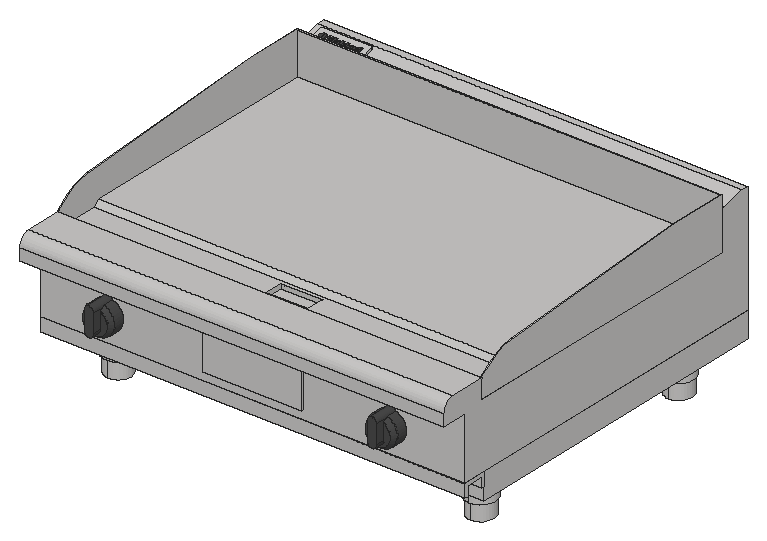
Revit family "QF_MOFFAT WALDORF_GPL8900E-B", category Specialty Equipment, Revit 2012
Parameters
  Width [instance] = 900.0 mm  # constant formula
  Weight in Pounds = 275.5775
  Watts = 12000 W
  Volts = 415 V
  URL Cutsheet = "www.moffat.com"
  URL = "www.moffat.com"
  Type Mark [instance] = ""
  Status [instance] = ""
  Specification by User [instance] = ""
  Specification by Manufacturer = ""
  Show Logo [instance] = yes
  Serial Number = ""
  Seismic Rating = ""
  SMACNA No = ""
  Revision Code [instance] = ""
  Phase = 3
  Omniclass Number and Title = ""
  Number of Poles = 1
  NAFEM Spec ID Number = ""
  Model = "GPL8900E-B"
  Min Ckt Ampacity = 0 A
  Max Overcurrent Protection = 0 A
  Masterspec = ""
  Manufacturer = "MOFFAT WALDORF"
  Item Number [instance] = ""
  Installed By [instance] = ""
  Identify Quantity as Lot [instance] = yes
  Height [instance] = 370.0 mm  # constant formula
  HP = ""
  Furnished By [instance] = ""
  Foodservice Equipment Identifier [instance] = yes
  FL Amps = 16.6 A
  Elec Conn RI Height = 0.0 mm
  Elec Conn Connection Height = 0.0 mm
  Description = "GRIDDLE PLATE LOW SPLASHBACK ELECTRIC BENCH MOUNT"
  Depth [instance] = 805.0 mm  # constant formula
  Cycle = 50 Hz
  Conn Plug = ""
  Conn Conduit = yes
  CSI MasterFormat = ""
  CSI Master Format = ""
  Base Height [instance] = 80.0 mm
  Apparent Power = if(Phase = 3, Volts * FL Amps * 1.73, Volts * FL Amps)  # 11918 VA
Reference planes
  plane 1 "BACK": y = 0
  plane 2: z = 0
  plane 3 "LEFT": x = 0
  plane 4 "RIGHT": x = 900
  plane 5 "FRONT": y = -805
  plane 6 "TOP": z = 370
  plane 7 "Center Y": x = 450
  plane 8 "Center X": y = -402.5
  plane 9 "Base Height": z = 80
  plane 10: x = 65
  plane 11: x = 834
  plane 12: x = 770
  plane 13: z = 110
  plane 14: y = -32
Forms (mm)
  Extrusion 1, solid, material "QF_Finishes_Stainless Steel"
    sketch origin (0, 0, 0) x (0, 1, 0) y (0, 0, 1)
      loop
        line (-805, 291) -> (-805, 266) -> (-749, 266) -> (-749, 135) -> (0, 135) -> (0, 370) -> (-15, 370) -> (-61.106, 357.646)
        arc (-61.106, 357.646) -> (-67.52, 353.36) -> (-70, 346.055) r 12
        line (-70, 346.055) -> (-70, 275) -> (-705, 275) -> (-705, 315) -> (-781, 315)
        arc (-781, 315) -> (-797.971, 307.971) -> (-805, 291) r 24
      loop
        line (0, 80) -> (0, 134.206) -> (-699, 134.206) -> (-699, 80) -> (0, 80)
      loop
        line (-749, 134.206) -> (-749, 107.019) -> (-742.6, 107.019) -> (-742.6, 127.806) -> (-706.4, 127.806) -> (-706.4, 107.019) -> (-700, 107.019) -> (-700, 134.206) -> (-749, 134.206)
    from 0 to 900
  Revolve 2, solid, material "QF_Finishes_Stainless Steel"
    sketch origin (834, -210, 0) x (0, 1, 0) y (0, 0, -1)
      loop
        line (78.25, -80) -> (110, -80) -> (110, 0) -> (82.5, 0) -> (82.5, -35) -> (78.25, -35) -> (78.25, -80)
      axis (110, -80) -> (110, 0)
    angle from 0 to 360
  Revolve 3, solid, material "QF_Finishes_Stainless Steel"
    sketch origin (65, -210, 0) x (0, 1, 0) y (0, 0, 1)
      loop
        line (78.25, 80) -> (78.25, 35) -> (82.5, 35) -> (82.5, 0) -> (110, 0) -> (110, 80) -> (78.25, 80)
      axis (110, 80) -> (110, 0)
    angle from 0 to 360
  Revolve 4, solid, material "QF_Finishes_Black"
    sketch origin (150, 0, -0.127) x (0, 1, 0) y (0, 0, -1)
      loop
        line (-782, -229.5) -> (-759, -229.5) -> (-759, -202) -> (-749, -202) -> (-749, -197) -> (-793, -197) -> (-793, -223.651) -> (-782, -229.5)
      axis (-793, -197) -> (-749, -197)
    angle from 0 to 360
  Extrusion 5, solid, material "QF_Finishes_Black"
    sketch origin (288.27, 0, 0.031) x (-1, 0, 0) y (0, 0, -1)
      loop
        arc (148.269, -184.969) -> (138.269, -174.969) -> (128.269, -184.969) r 10
        line (128.269, -184.969) -> (128.269, -223.969)
        arc (128.269, -223.969) -> (138.269, -233.969) -> (148.269, -223.969) r 10
        line (148.269, -223.969) -> (148.269, -184.969)
    from 759 to 808
  Revolve 6, solid, material "QF_Finishes_Stainless Steel"
    sketch origin (834, -735, 0) x (0, 1, 0) y (0, 0, -1)
      loop
        line (78.25, -80) -> (110, -80) -> (110, 0) -> (82.5, 0) -> (82.5, -35) -> (78.25, -35) -> (78.25, -80)
      axis (110, -80) -> (110, 0)
    angle from 0 to 360
  Revolve 7, solid, material "QF_Finishes_Stainless Steel"
    sketch origin (65, -735, 0) x (0, 1, 0) y (0, 0, 1)
      loop
        line (78.25, 80) -> (78.25, 35) -> (82.5, 35) -> (82.5, 0) -> (110, 0) -> (110, 80) -> (78.25, 80)
      axis (110, 80) -> (110, 0)
    angle from 0 to 360
  Extrusion 8, solid, material "QF_Finishes_Stainless Steel"
    sketch origin (-295, -749, 266) x (0, 0, -1) y (1, 0, 0)
      loop
        line (26.5, 640) -> (113.5, 640) -> (113.5, 850) -> (26.5, 850) -> (26.5, 640)
    from 0 to 2.5
  Extrusion 9, solid, material "QF_Finishes_Stainless Steel"
    sketch origin (-295, -751.5, 266) x (0, 0, -1) y (1, 0, 0)
      loop
        line (33.5, 850) -> (26.5, 850) -> (26.5, 640) -> (33.5, 640) -> (33.5, 850)
    from 0 to 5
  Revolve 10, solid, material "QF_Finishes_Black"
    sketch origin (750, 0, -0.127) x (0, 1, 0) y (0, 0, 1)
      loop
        line (-782, 229.5) -> (-793, 223.651) -> (-793, 197) -> (-749, 197) -> (-749, 202) -> (-759, 202) -> (-759, 229.5) -> (-782, 229.5)
      axis (-793, 197) -> (-749, 197)
    angle from 0 to 360
  Extrusion 11, solid, material "QF_Finishes_Black"
    sketch origin (611.73, 0, 0.031) x (1, 0, 0) y (0, 0, 1)
      loop
        line (148.269, 184.969) -> (148.269, 223.969)
        arc (148.269, 223.969) -> (138.269, 233.969) -> (128.269, 223.969) r 10
        line (128.269, 223.969) -> (128.269, 184.969)
        arc (128.269, 184.969) -> (138.269, 174.969) -> (148.269, 184.969) r 10
    from 759 to 808
  Extrusion 12, void
    sketch origin (0, 0, 80) x (-1, 0, 0) y (0, 1, 0)
      loop
        circle (-770, -32) r 10
    from 2 to -30
Cuts and joins
  joined: Revolve 4, Extrusion 5
  joined: Extrusion 8, Extrusion 9
  Extrusion 12 cuts Extrusion 1
Lines and regions (mm)
  Split face 1
    outline origin (49.063, -18.622, 369.029) x (0, -0.965926, -0.258819) y (1, 0, 0)
      loop
        line (1.427, 105.5) -> (34.83, 105.5) -> (34.83, 125.5) -> (1.427, 125.5) -> (1.427, 105.5)
  Split face 2
    outline origin (99.063, -18.622, 369.029) x (0, -0.965926, -0.258819) y (1, 0, 0)
      loop
        line (1.427, 105.5) -> (34.83, 105.5) -> (34.83, 125.5) -> (1.427, 125.5) -> (1.427, 105.5)
  Split face 3
    outline origin (149.062, -18.622, 369.029) x (0, -0.965926, -0.258819) y (1, 0, 0)
      loop
        line (1.427, 105.5) -> (34.83, 105.5) -> (34.83, 125.5) -> (1.427, 125.5) -> (1.427, 105.5)
  Split face 4
    outline origin (-95.937, -18.622, 369.029) x (0, -0.965926, -0.258819) y (1, 0, 0)
      loop
        line (1.427, 405.5) -> (34.83, 405.5) -> (34.83, 425.5) -> (1.427, 425.5) -> (1.427, 405.5)
  Split face 5
    outline origin (-45.938, -18.622, 369.029) x (0, -0.965926, -0.258819) y (1, 0, 0)
      loop
        line (1.427, 405.5) -> (34.83, 405.5) -> (34.83, 425.5) -> (1.427, 425.5) -> (1.427, 405.5)
  Split face 6
    outline origin (4.062, -18.622, 369.029) x (0, -0.965926, -0.258819) y (1, 0, 0)
      loop
        line (1.427, 405.5) -> (34.83, 405.5) -> (34.83, 425.5) -> (1.427, 425.5) -> (1.427, 405.5)
  Split face 7
    outline origin (54.062, -18.622, 369.029) x (0, -0.965926, -0.258819) y (1, 0, 0)
      loop
        line (1.427, 405.5) -> (34.83, 405.5) -> (34.83, 425.5) -> (1.427, 425.5) -> (1.427, 405.5)
  Split face 8
    outline origin (104.062, -18.622, 369.029) x (0, -0.965926, -0.258819) y (1, 0, 0)
      loop
        line (1.427, 405.5) -> (34.83, 405.5) -> (34.83, 425.5) -> (1.427, 425.5) -> (1.427, 405.5)
  Split face 9
    outline origin (154.062, -18.622, 369.029) x (0, -0.965926, -0.258819) y (1, 0, 0)
      loop
        line (1.427, 405.5) -> (34.83, 405.5) -> (34.83, 425.5) -> (1.427, 425.5) -> (1.427, 405.5)
  Split face 10
    outline origin (204.062, -18.622, 369.029) x (0, -0.965926, -0.258819) y (1, 0, 0)
      loop
        line (1.427, 405.5) -> (34.83, 405.5) -> (34.83, 425.5) -> (1.427, 425.5) -> (1.427, 405.5)
  Split face 11
    outline origin (254.062, -18.622, 369.029) x (0, -0.965926, -0.258819) y (1, 0, 0)
      loop
        line (1.427, 405.5) -> (34.83, 405.5) -> (34.83, 425.5) -> (1.427, 425.5) -> (1.427, 405.5)
  symbolic lines, visible <- "Show Logo"
    curve 1: line (12.5, -52.06, 0) -> (12.5, -21.099, 0)
    curve 2: line (121.5, -21.099, 0) -> (121.5, -52.06, 0)
    curve 3: line (12.5, -21.099, 0) -> (121.5, -21.099, 0)
    curve 4: line (12.5, -52.06, 0) -> (121.5, -52.06, 0)
  symbolic lines
    curve 5: line (154.563, -52.265, 0) -> (154.563, -20.001, 0)
    curve 6: line (154.563, -20.001, 0) -> (174.562, -20.001, 0)
    curve 7: line (174.562, -20.001, 0) -> (174.562, -52.265, 0)
    curve 8: line (174.562, -52.265, 0) -> (154.563, -52.265, 0)
    curve 9: line (204.563, -20.001, 0) -> (204.563, -52.265, 0)
    curve 10: line (204.563, -52.265, 0) -> (224.562, -52.265, 0)
    curve 11: line (224.562, -52.265, 0) -> (224.562, -20.001, 0)
    curve 12: line (224.562, -20.001, 0) -> (204.563, -20.001, 0)
    curve 13: line (254.563, -20.001, 0) -> (254.563, -52.265, 0)
    curve 14: line (254.563, -52.265, 0) -> (274.562, -52.265, 0)
    curve 15: line (274.562, -52.265, 0) -> (274.562, -20.001, 0)
    curve 16: line (274.562, -20.001, 0) -> (254.563, -20.001, 0)
    curve 17: line (309.563, -52.345, 0) -> (309.563, -20.001, 0)
    curve 18: line (309.563, -20.001, 0) -> (329.563, -20.001, 0)
    curve 19: line (329.563, -20.001, 0) -> (329.563, -52.345, 0)
    curve 20: line (329.563, -52.345, 0) -> (309.563, -52.345, 0)
    curve 21: line (0, -805, 0) -> (900, -805, 0)
    curve 22: line (0, 0, 0) -> (0, -805, 0)
    curve 23: line (900, 0, 0) -> (0, 0, 0)
    curve 24: line (0, -70, 0) -> (900, -70, 0)
    curve 25: line (900, -705, 0) -> (0, -705, 0)
    curve 26: line (359.563, -52.265, 0) -> (359.563, -20.001, 0)
    curve 27: line (359.563, -20.001, 0) -> (379.563, -20.001, 0)
    curve 28: line (379.563, -20.001, 0) -> (379.563, -52.265, 0)
    curve 29: line (379.563, -52.265, 0) -> (359.563, -52.265, 0)
    curve 30: line (409.563, -52.265, 0) -> (409.563, -20.001, 0)
    curve 31: line (409.563, -20.001, 0) -> (429.563, -20.001, 0)
    curve 32: line (429.563, -20.001, 0) -> (429.563, -52.265, 0)
    curve 33: line (429.563, -52.265, 0) -> (409.563, -52.265, 0)
    curve 34: line (459.563, -52.265, 0) -> (459.563, -20.001, 0)
    curve 35: line (459.563, -20.001, 0) -> (479.563, -20.001, 0)
    curve 36: line (479.563, -20.001, 0) -> (479.563, -52.265, 0)
    curve 37: line (479.563, -52.265, 0) -> (459.563, -52.265, 0)
    curve 38: line (509.563, -52.265, 0) -> (509.563, -20.001, 0)
    curve 39: line (509.563, -20.001, 0) -> (529.563, -20.001, 0)
    curve 40: line (529.563, -20.001, 0) -> (529.563, -52.265, 0)
    curve 41: line (529.563, -52.265, 0) -> (509.563, -52.265, 0)
    curve 42: line (559.563, -52.265, 0) -> (559.563, -20.001, 0)
    curve 43: line (559.563, -20.001, 0) -> (579.563, -20.001, 0)
    curve 44: line (579.563, -20.001, 0) -> (579.563, -52.265, 0)
    curve 45: line (579.563, -52.265, 0) -> (559.563, -52.265, 0)
    curve 46: line (609.563, -52.265, 0) -> (609.563, -20.001, 0)
    curve 47: line (609.563, -20.001, 0) -> (629.563, -20.001, 0)
    curve 48: line (629.563, -20.001, 0) -> (629.563, -52.265, 0)
    curve 49: line (629.563, -52.265, 0) -> (609.563, -52.265, 0)
    curve 50: line (659.563, -52.265, 0) -> (659.563, -20.001, 0)
    curve 51: line (659.563, -20.001, 0) -> (679.563, -20.001, 0)
    curve 52: line (679.563, -20.001, 0) -> (679.563, -52.265, 0)
    curve 53: line (679.563, -52.265, 0) -> (659.563, -52.265, 0)
    curve 54: line (900, -805, 0) -> (900, 0, 0)
Dimensions and locks
  equal spacing: plane 3 "LEFT", plane 7 "Center Y", plane 4 "RIGHT"
  "Width": plane 3 "LEFT" to plane 4 "RIGHT"
  equal spacing: plane 5 "FRONT", plane 8 "Center X", plane 1 "BACK"
  "Depth": plane 5 "FRONT" to plane 1 "BACK"
  "Base Height": plane 9 "Base Height" to level
  locked: plane 6 "TOP" to plane 9 "Base Height" at 290
  plane 6 "TOP" to nested 1 to nested 1 = 1.498 mm locked, 8.706 mm locked
  plane 6 "TOP" to level = 370.0 mm
  plane 11 to plane 10 = 769.0 mm
  plane 12 to plane 4 "RIGHT" = 130.0 mm
  plane 13 to level = 110.0 mm
  plane 14 to plane 1 "BACK" = 32.0 mm
  aligned and locked: level to plane 2
  aligned and locked: Revolve 3 sketch curve to plane 9 "Base Height"
Automatic sketch dimensions
  curve 21 to plane 3 "LEFT" = 0.0 mm
  curve 24 to plane 4 "RIGHT" = 0.0 mm
  plane 1 "BACK" to curve 23 = 0.0 mm
  plane 5 "FRONT" to curve 22 = 0.0 mm
  plane 3 "LEFT" to curve 1 = 12.5 mm
  plane 10 to curve 4 = 56.5 mm
  curve 2 to curve 6 = 33.062 mm
  curve 5 to curve 8 = 20.0 mm
  curve 6 to curve 12 = 30.0 mm
  curve 9 to curve 11 = 20.0 mm
  curve 11 to curve 16 = 30.0 mm
  curve 13 to curve 14 = 20.0 mm
  curve 14 to curve 17 = 35.0 mm
  curve 17 to curve 20 = 20.0 mm
  curve 19 to curve 29 = 30.0 mm
  curve 26 to curve 28 = 20.0 mm
  curve 27 to curve 30 = 30.0 mm
  curve 30 to curve 31 = 20.0 mm
  plane 7 "Center Y" to curve 34 = 9.563 mm
  curve 34 to curve 37 = 20.0 mm
  curve 36 to curve 41 = 30.0 mm
  curve 38 to curve 41 = 20.0 mm
  curve 39 to curve 42 = 30.0 mm
  curve 42 to curve 44 = 20.0 mm
  curve 43 to curve 46 = 30.0 mm
  curve 46 to curve 49 = 20.0 mm
  curve 48 to curve 53 = 30.0 mm
  curve 50 to curve 52 = 20.0 mm
  curve 25 to plane 5 "FRONT" = 100.0 mm
  curve 24 to curve 23 = 70.0 mm
  plane 1 "BACK" to curve 20 = 52.345 mm
  plane 1 "BACK" to curve 7 = 52.265 mm
  plane 1 "BACK" to curve 45 = 52.265 mm
  curve 7 to curve 9 = 0.0 mm
  curve 44 to curve 46 = 0.0 mm
  curve 48 to curve 53 = 0.0 mm
  curve 10 to curve 14 = 0.0 mm
  curve 41 to curve 42 = 0.0 mm
  curve 37 to curve 38 = 0.0 mm
  curve 33 to curve 34 = 0.0 mm
  curve 29 to curve 30 = 0.0 mm
  curve 24 to curve 1 = 17.94 mm
  plane 1 "BACK" to curve 3 = 21.099 mm
  plane 1 "BACK" to curve 32 = 20.001 mm
  plane 1 "BACK" to curve 19 = 20.001 mm
  plane 1 "BACK" to curve 34 = 20.001 mm
  plane 1 "BACK" to curve 16 = 20.001 mm
  plane 1 "BACK" to curve 38 = 20.001 mm
  plane 1 "BACK" to curve 26 = 20.001 mm
  plane 1 "BACK" to curve 42 = 20.001 mm
  plane 1 "BACK" to curve 12 = 20.001 mm
  plane 1 "BACK" to curve 7 = 20.001 mm
  plane 1 "BACK" to curve 46 = 20.001 mm
  plane 1 "BACK" to curve 50 = 20.001 mm
  Extrusion 1 sketch curve to plane 5 "FRONT" = 0.0 mm
  Extrusion 1 sketch curve to plane 9 "Base Height" = 0.0 mm
  Extrusion 1 sketch curve to plane 6 "TOP" = 0.0 mm
  Extrusion 1 sketch curve to plane 1 "BACK" = 0.0 mm  (x2)
  Extrusion 1 sketch curve to plane 5 "FRONT" = 24.0 mm
  Extrusion 1 sketch curve to plane 5 "FRONT" = 56.0 mm
  Extrusion 1 sketch curve to Extrusion 1 sketch curve = 0.0 mm  (x2)
  Extrusion 1 sketch curve to Extrusion 1 sketch curve = 6.4 mm  (x3)
  Extrusion 1 sketch curve to Extrusion 1 sketch curve = 36.2 mm
  Extrusion 1 sketch curve to Extrusion 1 sketch curve = 44.0 mm
  Extrusion 1 sketch curve to Extrusion 1 sketch curve = 1.0 mm
  plane 1 "BACK" to Extrusion 1 sketch curve = 70.0 mm
  Extrusion 1 sketch curve to plane 6 "TOP" = 12.354 mm
  Extrusion 1 sketch curve to Extrusion 1 sketch curve = 8.894 mm
  Extrusion 1 sketch curve to Extrusion 1 sketch curve = 3.106 mm
  plane 1 "BACK" to Extrusion 1 sketch curve = 15.0 mm
  plane 9 "Base Height" to Extrusion 1 sketch curve = 27.019 mm  (x2)
  Extrusion 1 sketch curve to Extrusion 1 sketch curve = 20.787 mm
  Extrusion 1 sketch curve to Extrusion 1 sketch curve = 0.794 mm
  Extrusion 1 sketch curve to plane 6 "TOP" = 104.0 mm
  Extrusion 1 sketch curve to Extrusion 1 sketch curve = 71.055 mm
  Extrusion 1 sketch curve to Extrusion 1 sketch curve = 25.0 mm
  Revolve 2 sketch curve to plane 9 "Base Height" = 0.0 mm
  Revolve 2 sketch curve to level = 0.0 mm
  level to Revolve 2 sketch curve = 35.0 mm
  plane 1 "BACK" to Revolve 2 sketch curve = 131.75 mm
  Revolve 2 sketch curve to Revolve 2 sketch curve = 4.25 mm
  Revolve 2 sketch curve to Revolve 2 sketch curve = 27.5 mm
  Revolve 2 sketch curve to Revolve 2 sketch curve = 0.0 mm
  Revolve 2 sketch curve to Revolve 2 sketch curve = 30.0 mm
  Revolve 2 sketch curve to Revolve 2 sketch curve = 55.0 mm
  Revolve 3 sketch curve to level = 0.0 mm
  level to Revolve 3 sketch curve = 35.0 mm
  plane 1 "BACK" to Revolve 3 sketch curve = 131.75 mm
  Revolve 3 sketch curve to Revolve 3 sketch curve = 4.25 mm
  Revolve 3 sketch curve to Revolve 3 sketch curve = 27.5 mm
  Revolve 3 sketch curve to Revolve 3 sketch curve = 0.0 mm
  Revolve 3 sketch curve to Revolve 3 sketch curve = 55.0 mm
  Revolve 3 sketch curve to Revolve 3 sketch curve = 30.0 mm
  Revolve 4 sketch curve to plane 5 "FRONT" = 12.0 mm
  Revolve 4 sketch curve to Revolve 4 sketch curve = 0.0 mm  (x2)
  Revolve 4 sketch curve to Revolve 4 sketch curve = 11.0 mm
  Revolve 4 sketch curve to Revolve 4 sketch curve = 12.7 mm
  Revolve 4 sketch curve to Revolve 4 sketch curve = 23.0 mm
  Revolve 4 sketch curve to Revolve 4 sketch curve = 10.0 mm
  Revolve 4 sketch curve to plane 6 "TOP" = 140.627 mm
  Revolve 4 sketch curve to Revolve 4 sketch curve = 5.849 mm
  Revolve 4 sketch curve to Revolve 4 sketch curve = 27.5 mm
  Revolve 4 sketch curve to Revolve 4 sketch curve = 5.0 mm
  plane 10 to Extrusion 5 sketch curve = 95.001 mm
  Extrusion 5 sketch curve to Extrusion 5 sketch curve = 10.0 mm
  plane 9 "Base Height" to Extrusion 5 sketch curve = 144.0 mm
  Extrusion 5 sketch curve to Extrusion 5 sketch curve = 39.0 mm
  Extrusion 1 to Split face 1 sketch curve = 5.177 mm
  Split face 1 sketch curve to Extrusion 1 = 9.153 mm
  Split face 1 sketch curve to Extrusion 1 = 154.563 mm
  Split face 1 sketch curve to Split face 1 sketch curve = 20.0 mm
  Revolve 6 sketch curve to plane 9 "Base Height" = 0.0 mm
  Revolve 6 sketch curve to level = 0.0 mm
  level to Revolve 6 sketch curve = 35.0 mm
  Revolve 6 sketch curve to plane 5 "FRONT" = 148.25 mm
  Revolve 6 sketch curve to Revolve 6 sketch curve = 4.25 mm
  Revolve 6 sketch curve to Revolve 6 sketch curve = 27.5 mm
  Revolve 6 sketch curve to Revolve 6 sketch curve = 0.0 mm
  Revolve 6 sketch curve to Revolve 6 sketch curve = 30.0 mm
  Revolve 6 sketch curve to Revolve 6 sketch curve = 55.0 mm
  Revolve 7 sketch curve to plane 9 "Base Height" = 0.0 mm
  Revolve 7 sketch curve to level = 0.0 mm
  level to Revolve 7 sketch curve = 35.0 mm
  Revolve 7 sketch curve to plane 5 "FRONT" = 148.25 mm
  Revolve 7 sketch curve to Revolve 7 sketch curve = 4.25 mm
  Revolve 7 sketch curve to Revolve 7 sketch curve = 27.5 mm
  Revolve 7 sketch curve to Revolve 7 sketch curve = 0.0 mm
  Revolve 7 sketch curve to Revolve 7 sketch curve = 55.0 mm
  Revolve 7 sketch curve to Revolve 7 sketch curve = 30.0 mm
  Extrusion 1 to Split face 2 sketch curve = 5.177 mm
  Split face 2 sketch curve to Extrusion 1 = 9.153 mm
  Split face 2 sketch curve to Extrusion 1 = 204.563 mm
  Split face 2 sketch curve to Split face 2 sketch curve = 20.0 mm
  Extrusion 1 to Split face 3 sketch curve = 5.177 mm
  Split face 3 sketch curve to Extrusion 1 = 9.153 mm
  Split face 3 sketch curve to Extrusion 1 = 254.563 mm
  Split face 3 sketch curve to Split face 3 sketch curve = 20.0 mm
  Extrusion 1 to Split face 4 sketch curve = 5.177 mm
  Split face 4 sketch curve to Extrusion 1 = 9.153 mm
  Split face 4 sketch curve to Extrusion 1 = 309.563 mm
  Split face 4 sketch curve to Split face 4 sketch curve = 20.0 mm
  Extrusion 1 to Split face 5 sketch curve = 5.177 mm
  Split face 5 sketch curve to Extrusion 1 = 9.153 mm
  Split face 5 sketch curve to Extrusion 1 = 359.563 mm
  Split face 5 sketch curve to Split face 5 sketch curve = 20.0 mm
  Extrusion 1 to Split face 6 sketch curve = 5.177 mm
  Split face 6 sketch curve to Extrusion 1 = 9.153 mm
  Split face 6 sketch curve to Extrusion 1 = 409.563 mm
  Split face 6 sketch curve to Split face 6 sketch curve = 20.0 mm
  Extrusion 1 to Extrusion 8 sketch curve = 26.5 mm
  Extrusion 8 sketch curve to Extrusion 1 = 17.5 mm
  Extrusion 1 to Extrusion 8 sketch curve = 345.0 mm
  Extrusion 8 sketch curve to Extrusion 8 sketch curve = 210.0 mm
  Extrusion 9 sketch curve to Extrusion 8 = 0.0 mm  (x2)
  Extrusion 8 to Extrusion 9 sketch curve = 0.0 mm
  Extrusion 9 sketch curve to Extrusion 8 = 7.0 mm
  Extrusion 1 to Split face 7 sketch curve = 5.177 mm
  Split face 7 sketch curve to Extrusion 1 = 9.153 mm
  Split face 7 sketch curve to Extrusion 1 = 440.437 mm
  Split face 7 sketch curve to Split face 7 sketch curve = 20.0 mm
  Revolve 10 sketch curve to plane 5 "FRONT" = 12.0 mm
  Revolve 10 sketch curve to Revolve 10 sketch curve = 0.0 mm  (x2)
  Revolve 10 sketch curve to Revolve 10 sketch curve = 11.0 mm
  Revolve 10 sketch curve to Revolve 10 sketch curve = 12.7 mm
  Revolve 10 sketch curve to Revolve 10 sketch curve = 23.0 mm
  Revolve 10 sketch curve to Revolve 10 sketch curve = 10.0 mm
  plane 9 "Base Height" to Revolve 10 sketch curve = 116.873 mm
  Revolve 10 sketch curve to Revolve 10 sketch curve = 5.0 mm
  Revolve 10 sketch curve to Revolve 10 sketch curve = 26.651 mm
  Revolve 10 sketch curve to Revolve 10 sketch curve = 5.849 mm
  plane 11 to Extrusion 11 sketch curve = 94.001 mm
  Extrusion 11 sketch curve to Extrusion 11 sketch curve = 10.0 mm
  plane 9 "Base Height" to Extrusion 11 sketch curve = 105.0 mm
  Extrusion 11 sketch curve to Extrusion 11 sketch curve = 39.0 mm
  Extrusion 1 to Split face 8 sketch curve = 5.177 mm
  Split face 8 sketch curve to Extrusion 1 = 9.153 mm
  Split face 8 sketch curve to Extrusion 1 = 390.437 mm
  Split face 8 sketch curve to Split face 8 sketch curve = 20.0 mm
  Extrusion 1 to Split face 9 sketch curve = 5.177 mm
  Split face 9 sketch curve to Extrusion 1 = 9.153 mm
  Split face 9 sketch curve to Extrusion 1 = 340.437 mm
  Split face 9 sketch curve to Split face 9 sketch curve = 20.0 mm
  Extrusion 1 to Split face 10 sketch curve = 5.177 mm
  Split face 10 sketch curve to Extrusion 1 = 9.153 mm
  Split face 10 sketch curve to Extrusion 1 = 290.437 mm
  Split face 10 sketch curve to Split face 10 sketch curve = 20.0 mm
  Extrusion 1 to Split face 11 sketch curve = 5.177 mm
  Split face 11 sketch curve to Extrusion 1 = 9.153 mm
  Split face 11 sketch curve to Extrusion 1 = 240.437 mm
  Split face 11 sketch curve to Split face 11 sketch curve = 20.0 mm
  Extrusion 1 to Extrusion 12 sketch curve = 32.0 mm
  Extrusion 12 sketch curve to Extrusion 1 = 130.0 mm
  radius of Extrusion 12 sketch curve = 10.0 mm
Nested families
  nested 1: "WALDORF LOGO" at (12.5, -36.099, 347.942), visible <- "Show Logo", type "WALDORF LOGO", detail levels medium+fine
    with Type Mark "", Status "", Specification by User "", Show Logo yes, Revision Code "", Item Number "", Installed By "", Identify Quantity as Lot yes, Furnished By "", Foodservice Equipment Identifier yes
  nested 2: "GAS GRIDDLE PLATE" at (0, -70, 274.5), type "GAS GRIDDLE PLATE"
    with Type Mark "", Status "", Specification by User "", Show Clearance yes, Revision Code "", Item Number "", Installed By "", Identify Quantity as Lot yes, Furnished By "", Foodservice Equipment Identifier yes
Connectors
  electrical at (770, -32, 110), driven by "Volts", driven by "Watts"
    settings: on cut or joined group of Extrusion 1, Extrusion 12, index 1, voltage 415 V, apparent load 12000 VA, apparent load phase1 0 VA, apparent load phase2 0 VA, apparent load phase3 0 VA, power factor 1, load classification "Other", number of poles 1, system type 30, power factor state 1, is connector primary yes, connector utility no, sub classification motor no, connector description "ELECTRICAL CONNECTION"
Definition of nested family "WALDORF LOGO"
  Parameters (values of type "WALDORF LOGO")
    Weight in Pounds = 0
    URL Cutsheet = ""
    Type Mark [instance] = ""
    Status [instance] = ""
    Specification by User [instance] = ""
    Specification by Manufacturer = ""
    Show Logo [instance] = yes
    Serial Number = ""
    Seismic Rating = ""
    SMACNA No = ""
    Revision Code [instance] = ""
    Omniclass Number and Title = ""
    NAFEM Spec ID Number = ""
    Masterspec = ""
    Item Number [instance] = ""
    Installed By [instance] = ""
    Identify Quantity as Lot [instance] = yes
    Furnished By [instance] = ""
    Foodservice Equipment Identifier [instance] = yes
    CSI MasterFormat = ""
    CSI Master Format = ""
  Reference planes
    plane 1 "BACK": y = 0
    plane 2: z = 0
    plane 3 "LEFT": x = 0
    plane 4 "RIGHT": x = 109
    plane 5 "FRONT": y = -1.588
    plane 6 "TOP": z = 34.14
    plane 7 "Center Y": x = 54.5
    plane 8 "Center X": y = -0.794
  Forms (mm)
    Extrusion 1, solid, material "QF_Finishes_Stainless Steel", visible <- "Show Logo"
      sketch origin (0, -16.884, 11.854) x (1, 0, 0) y (0, 0.966938, 0.255012)
        loop
          arc (5, 34.14) -> (1.464, 32.676) -> (0, 29.14) r 5
          line (0, 29.14) -> (0, 5)
          arc (0, 5) -> (1.464, 1.464) -> (5, 0) r 5
          line (5, 0) -> (104, 0)
          arc (104, 0) -> (107.536, 1.464) -> (109, 5) r 5
          line (109, 5) -> (109, 29.14)
          arc (109, 29.14) -> (107.536, 32.676) -> (104, 34.14) r 5
          line (104, 34.14) -> (5, 34.14)
      from 0 to 1.588
    Extrusion 2, solid, material "QF_Finishes_Black", visible <- "Show Logo"
      sketch origin (0, -17.288, 13.389) x (1, 0, 0) y (0, 0.966938, 0.255012)
        loop
          line (24.772, 23.214) -> (27.992, 10.301) -> (31.551, 10.301) -> (33.443, 17.364) -> (35.205, 10.301) -> (39.332, 10.301) -> (42.077, 23.214) -> (38.352, 23.214) -> (36.676, 15.33) -> (35, 23.214) -> (31.752, 23.214) -> (30.076, 15.33) -> (28.4, 23.214) -> (24.772, 23.214)
        loop
          line (42.272, 17.055) -> (45.703, 17.055)
          spline (45.703, 17.055) -> (45.741, 17.285) -> (45.852, 17.499) -> (46.028, 17.682) -> (46.258, 17.823) -> (46.526, 17.912) -> (46.813, 17.942) -> (47.1, 17.912) -> (47.368, 17.823) -> (47.597, 17.682) -> (47.774, 17.499) -> (47.884, 17.285) -> (47.922, 17.055)
          line (47.922, 17.055) -> (47.922, 16.222)
          arc (47.922, 16.222) -> (45.742, 16.014) -> (43.665, 15.317) r 9.604
          arc (43.665, 15.317) -> (41.924, 12.809) -> (43.665, 10.301) r 2.677
          arc (43.665, 10.301) -> (45.527, 10.353) -> (47.332, 10.816) r 8.365
          line (47.332, 10.816) -> (48.092, 11.105) -> (48.092, 10.301) -> (51.817, 10.301) -> (51.817, 17.055)
          spline (51.817, 17.055) -> (51.654, 17.821) -> (51.178, 18.535) -> (50.419, 19.148) -> (49.431, 19.619) -> (48.28, 19.914) -> (47.044, 20.015) -> (45.809, 19.914) -> (44.658, 19.619) -> (43.67, 19.148) -> (42.911, 18.535) -> (42.434, 17.821) -> (42.272, 17.055)
        loop
          line (53.151, 23.214) -> (53.151, 10.301) -> (57.37, 10.301) -> (57.37, 23.214) -> (53.151, 23.214)
        loop
          line (64.874, 23.214) -> (64.874, 18.857)
          arc (64.874, 18.857) -> (58.083, 15.11) -> (64.874, 11.363) r 4.429
          line (64.874, 11.363) -> (64.874, 10.301) -> (68.378, 10.301) -> (68.378, 23.214) -> (64.874, 23.214)
        loop
          arc (64.874, 16.083) -> (61.41, 14.987) -> (64.874, 13.891) r 1.905
          line (64.874, 13.891) -> (64.874, 16.083)
        loop
          circle (74.623, 15.223) r 5
        loop
          spline (74.623, 17.856) -> (74.355, 17.766) -> (74.105, 17.503) -> (73.891, 17.084) -> (73.726, 16.539) -> (73.623, 15.904) -> (73.588, 15.223) -> (73.623, 14.541) -> (73.726, 13.906) -> (73.891, 13.361) -> (74.105, 12.942) -> (74.355, 12.679) -> (74.623, 12.59)
          spline (74.623, 12.59) -> (74.891, 12.679) -> (75.141, 12.942) -> (75.355, 13.361) -> (75.52, 13.906) -> (75.623, 14.541) -> (75.659, 15.223) -> (75.623, 15.904) -> (75.52, 16.539) -> (75.355, 17.084) -> (75.141, 17.503) -> (74.891, 17.766) -> (74.623, 17.856)
        loop
          line (81.255, 19.813) -> (81.255, 10.301) -> (84.834, 10.301) -> (84.834, 14.176)
          arc (84.834, 14.176) -> (85.854, 16.093) -> (88.013, 16.32) r 2.313
          line (88.013, 16.32) -> (88.013, 19.813) -> (87.161, 19.813)
          arc (87.161, 19.813) -> (85.526, 19.266) -> (84.549, 17.844) r 2.717
          line (84.549, 17.844) -> (84.549, 19.813) -> (81.255, 19.813)
        loop
          line (90.249, 19.813) -> (88.91, 19.813) -> (88.91, 17.614) -> (90.249, 17.614) -> (90.249, 10.301) -> (93.998, 10.301) -> (93.998, 17.614) -> (95.418, 17.614) -> (95.418, 19.813) -> (93.998, 19.813)
          arc (93.998, 19.813) -> (94.414, 20.817) -> (95.418, 21.233) r 1.42
          line (95.418, 21.233) -> (95.418, 23.602) -> (93.317, 23.602)
          arc (93.317, 23.602) -> (91.343, 22.903) -> (90.249, 21.118) r 3.137
          line (90.249, 21.118) -> (90.249, 19.813)
        loop
          arc (15.241, 23.571) -> (8.392, 16.525) -> (15.241, 9.479) r 7.049
          line (15.241, 9.479) -> (15.241, 23.571)
        loop
          line (15.641, 23.571) -> (15.641, 9.479)
          arc (15.641, 9.479) -> (22.49, 16.525) -> (15.641, 23.571) r 7.049
        loop
          arc (47.922, 14.711) -> (46.266, 13.749) -> (47.922, 12.787) r 1.107
          line (47.922, 12.787) -> (47.922, 14.711)
      from 0 to 0.2
  Dimensions and locks
    equal spacing: plane 3 "LEFT", plane 7 "Center Y", plane 4 "RIGHT"
    plane 3 "LEFT" to plane 4 "RIGHT" = 109.0 mm
    equal spacing: plane 5 "FRONT", plane 8 "Center X", plane 1 "BACK"
    plane 5 "FRONT" to plane 1 "BACK" = 1.588 mm
    aligned and locked: level to plane 2
  Automatic sketch dimensions
    Extrusion 1 sketch curve to plane 3 "LEFT" = 0.0 mm
    Extrusion 1 sketch curve to plane 4 "RIGHT" = 0.0 mm
    plane 3 "LEFT" to Extrusion 1 sketch curve = 5.0 mm  (x2)
    plane 4 "RIGHT" to Extrusion 1 sketch curve = 5.0 mm  (x2)
    Extrusion 1 sketch curve to Extrusion 1 sketch curve = 24.14 mm
    Extrusion 2 sketch curve to Extrusion 2 sketch curve = 0.0 mm  (x14)
    Extrusion 2 sketch curve to Extrusion 1 = 15.241 mm
    Extrusion 2 sketch curve to Extrusion 2 sketch curve = 0.2 mm
    Extrusion 2 sketch curve to Extrusion 2 sketch curve = 0.4 mm
    Extrusion 2 sketch curve to Extrusion 2 sketch curve = 9.131 mm
    Extrusion 2 sketch curve to Extrusion 1 = 10.301 mm  (x2)
    Extrusion 2 sketch curve to Extrusion 2 sketch curve = 12.351 mm
    Extrusion 2 sketch curve to Extrusion 2 sketch curve = 3.628 mm
    Extrusion 2 sketch curve to Extrusion 2 sketch curve = 2.084 mm
    Extrusion 2 sketch curve to Extrusion 2 sketch curve = 3.559 mm
    Extrusion 2 sketch curve to Extrusion 1 = 10.926 mm  (x2)
    Extrusion 2 sketch curve to Extrusion 2 sketch curve = 3.352 mm  (x2)
    Extrusion 2 sketch curve to Extrusion 2 sketch curve = 3.367 mm
    Extrusion 2 sketch curve to Extrusion 2 sketch curve = 3.249 mm
    Extrusion 2 sketch curve to Extrusion 2 sketch curve = 3.654 mm
    Extrusion 2 sketch curve to Extrusion 1 = 15.33 mm
    Extrusion 2 sketch curve to Extrusion 2 sketch curve = 3.233 mm
    Extrusion 2 sketch curve to Extrusion 2 sketch curve = 4.128 mm
    Extrusion 2 sketch curve to Extrusion 2 sketch curve = 3.725 mm
    Extrusion 2 sketch curve to Extrusion 2 sketch curve = 5.596 mm
    Extrusion 2 sketch curve to Extrusion 2 sketch curve = 4.333 mm
    Extrusion 2 sketch curve to Extrusion 2 sketch curve = 1.394 mm
    Extrusion 2 sketch curve to Extrusion 2 sketch curve = 2.092 mm
    Extrusion 2 sketch curve to Extrusion 2 sketch curve = 0.936 mm
    Extrusion 2 sketch curve to Extrusion 2 sketch curve = 1.34 mm
    Extrusion 2 sketch curve to Extrusion 2 sketch curve = 1.109 mm
    Extrusion 2 sketch curve to Extrusion 2 sketch curve = 0.232 mm
    Extrusion 2 sketch curve to Extrusion 2 sketch curve = 2.731 mm
    Extrusion 2 sketch curve to Extrusion 2 sketch curve = 0.549 mm  (x2)
    Extrusion 2 sketch curve to Extrusion 2 sketch curve = 0.407 mm
    Extrusion 2 sketch curve to Extrusion 2 sketch curve = 0.76 mm
    Extrusion 2 sketch curve to Extrusion 2 sketch curve = 1.334 mm
    Extrusion 2 sketch curve to Extrusion 2 sketch curve = 4.219 mm
    Extrusion 2 sketch curve to Extrusion 2 sketch curve = 5.142 mm
    Extrusion 2 sketch curve to Extrusion 2 sketch curve = 0.803 mm
    Extrusion 2 sketch curve to Extrusion 2 sketch curve = 1.558 mm
    Extrusion 2 sketch curve to Extrusion 2 sketch curve = 3.504 mm
    Extrusion 2 sketch curve to Extrusion 2 sketch curve = 6.245 mm
    Extrusion 2 sketch curve to Extrusion 2 sketch curve = 6.632 mm
    Extrusion 2 sketch curve to Extrusion 2 sketch curve = 3.294 mm
    Extrusion 2 sketch curve to Extrusion 2 sketch curve = 3.579 mm
    Extrusion 2 sketch curve to Extrusion 2 sketch curve = 2.313 mm
    Extrusion 2 sketch curve to Extrusion 2 sketch curve = 2.612 mm
    Extrusion 2 sketch curve to Extrusion 2 sketch curve = 0.852 mm
    Extrusion 2 sketch curve to Extrusion 2 sketch curve = 0.897 mm
    Extrusion 2 sketch curve to Extrusion 2 sketch curve = 3.102 mm
    Extrusion 2 sketch curve to Extrusion 2 sketch curve = 1.338 mm
    Extrusion 2 sketch curve to Extrusion 2 sketch curve = 3.068 mm
    Extrusion 2 sketch curve to Extrusion 2 sketch curve = 0.681 mm
    Extrusion 2 sketch curve to Extrusion 2 sketch curve = 3.749 mm
    Extrusion 2 sketch curve to Extrusion 2 sketch curve = 1.42 mm
    Extrusion 2 sketch curve to Extrusion 2 sketch curve = 5.029 mm  (x2)
    Extrusion 2 sketch curve to Extrusion 1 = 9.479 mm
    Extrusion 2 sketch curve to Extrusion 2 sketch curve = 3.681 mm
    Extrusion 2 sketch curve to Extrusion 2 sketch curve = 0.515 mm
    Extrusion 2 sketch curve to Extrusion 2 sketch curve = 0.804 mm
    Extrusion 2 sketch curve to Extrusion 2 sketch curve = 1.062 mm
    Extrusion 2 sketch curve to Extrusion 2 sketch curve = 1.682 mm
    Extrusion 2 sketch curve to Extrusion 2 sketch curve = 2.508 mm
    Extrusion 2 sketch curve to Extrusion 2 sketch curve = 0.962 mm
    Extrusion 2 sketch curve to Extrusion 2 sketch curve = 2.528 mm
    Extrusion 2 sketch curve to Extrusion 2 sketch curve = 3.875 mm
    Extrusion 2 sketch curve to Extrusion 2 sketch curve = 1.096 mm
    Extrusion 2 sketch curve to Extrusion 2 sketch curve = 0.123 mm
    Extrusion 2 sketch curve to Extrusion 2 sketch curve = 4.922 mm
    Extrusion 2 sketch curve to Extrusion 2 sketch curve = 7.046 mm
    Extrusion 2 sketch curve to Extrusion 2 sketch curve = 0.833 mm
    Extrusion 2 sketch curve to Extrusion 2 sketch curve = 0.776 mm
    Extrusion 2 sketch curve to Extrusion 2 sketch curve = 2.034 mm
    Extrusion 2 sketch curve to Extrusion 2 sketch curve = 7.314 mm
    Extrusion 2 sketch curve to Extrusion 2 sketch curve = 1.295 mm
    Extrusion 2 sketch curve to Extrusion 2 sketch curve = 0.749 mm
    Extrusion 2 sketch curve to Extrusion 2 sketch curve = 2.633 mm
    Extrusion 2 sketch curve to Extrusion 2 sketch curve = 2.198 mm  (x2)
    Extrusion 2 sketch curve to Extrusion 2 sketch curve = 1.968 mm
    Extrusion 2 sketch curve to Extrusion 2 sketch curve = 0.653 mm
    Extrusion 2 sketch curve to Extrusion 2 sketch curve = 1.305 mm
    Extrusion 2 sketch curve to Extrusion 2 sketch curve = 4.357 mm
    Extrusion 2 sketch curve to Extrusion 2 sketch curve = 6.159 mm
    radius of Extrusion 2 sketch curve = 5.0 mm
Definition of nested family "GAS GRIDDLE PLATE"
  Parameters (values of type "GAS GRIDDLE PLATE")
    Weight in Pounds = 0
    URL Cutsheet = ""
    Type Mark [instance] = ""
    Status [instance] = ""
    Specification by User [instance] = ""
    Specification by Manufacturer = ""
    Show Clearance [instance] = yes
    Serial Number = ""
    Seismic Rating = ""
    SMACNA No = ""
    Revision Code [instance] = ""
    Omniclass Number and Title = ""
    NAFEM Spec ID Number = ""
    Masterspec = ""
    Item Number [instance] = ""
    Installed By [instance] = ""
    Identify Quantity as Lot [instance] = yes
    Furnished By [instance] = ""
    Foodservice Equipment Identifier [instance] = yes
    CSI MasterFormat = ""
    CSI Master Format = ""
  Reference planes
    plane 1 "BACK": y = 0
    plane 2: z = 0
    plane 3 "LEFT": x = 0
    plane 4 "RIGHT": x = 900
    plane 5 "FRONT": y = -634.4
    plane 6 "TOP": z = 142.5
    plane 7 "Center Y": x = 450
    plane 8 "Center X": y = -317.2
  Forms (mm)
    Extrusion 1, solid, material "QF_Finishes_Stainless Steel"
      sketch origin (0, 70.003, -874.5) x (0, 1, 0) y (0, 0, 1)
        loop
          line (-70, 875) -> (-70, 984.5) -> (-191.003, 984.5) -> (-626.368, 954.056)
          arc (-626.368, 954.056) -> (-652.773, 948.564) -> (-676.75, 936.215) r 100
          line (-676.75, 936.215) -> (-704.403, 916.852) -> (-704.403, 875) -> (-70, 875)
      from 0 to 1.8
    Extrusion 2, solid, material "QF_Finishes_Stainless Steel"
      sketch origin (150, 70.003, -874.5) x (0, 1, 0) y (0, 0, 1)
        loop
          line (-70, 895) -> (-601, 895) -> (-611.5, 884.5) -> (-704.403, 884.5) -> (-704.403, 875) -> (-70, 875) -> (-70, 895)
      from -148.2 to 748.2
    Extrusion 3, void
      sketch origin (-218.85, -541.497, 10) x (0, -1, 0) y (1, 0, 0)
        loop
          line (10, 713.7) -> (10, 625.2) -> (48.5, 625.2) -> (48.5, 713.7) -> (10, 713.7)
      from -41.4 to 40.142
    Extrusion 4, solid, material "QF_Finishes_Stainless Steel"
      sketch origin (150, 0.003, 211.574) x (0, 0, -1) y (1, 0, 0)
        loop
          line (101.574, -148.2) -> (191.074, -148.2) -> (191.074, 748.2) -> (101.574, 748.2) -> (101.574, -148.2)
      from 0 to 1.683
    Extrusion 5, solid, material "QF_Finishes_Stainless Steel"
      sketch origin (900, 70.003, -874.5) x (0, 1, 0) y (0, 0, -1)
        loop
          line (-70, -875) -> (-704.403, -875) -> (-704.403, -916.852) -> (-676.75, -936.215)
          arc (-676.75, -936.215) -> (-652.773, -948.564) -> (-626.368, -954.056) r 100
          line (-626.368, -954.056) -> (-191.003, -984.5) -> (-70, -984.5) -> (-70, -875)
      from 0 to 1.8
  Cuts and joins
    Extrusion 3 cuts Extrusion 2
  Lines and regions (mm)
    symbolic lines
      curve 1: line (898.8, -530.997, 0) -> (1.8, -530.997, 0)
      curve 2: line (1.8, -541.497, 0) -> (898.8, -541.497, 0)
      curve 3: line (406.35, -551.497, 0) -> (406.35, -589.997, 0)
      curve 4: line (406.35, -589.997, 0) -> (494.85, -589.997, 0)
      curve 5: line (494.85, -589.997, 0) -> (494.85, -551.497, 0)
      curve 6: line (494.85, -551.497, 0) -> (406.35, -551.497, 0)
      curve 7: line (1.8, -1.68, 0) -> (898.8, -1.68, 0)
      curve 8: line (898.8, -1.68, 0) -> (898.8, -634.4, 0)
      curve 9: line (1.8, -634.4, 0) -> (1.8, -1.68, 0)
      curve 10: line (1.8, -634.4, 0) -> (898.8, -634.4, 0)
  Dimensions and locks
    equal spacing: plane 3 "LEFT", plane 7 "Center Y", plane 4 "RIGHT"
    plane 3 "LEFT" to plane 4 "RIGHT" = 900.0 mm
    equal spacing: plane 5 "FRONT", plane 8 "Center X", plane 1 "BACK"
    plane 5 "FRONT" to plane 1 "BACK" = 634.4 mm
    aligned and locked: level to plane 2
  Automatic sketch dimensions
    plane 5 "FRONT" to curve 10 = 0.0 mm
    plane 3 "LEFT" to curve 10 = 1.8 mm
    curve 4 to plane 5 "FRONT" = 44.403 mm
    plane 4 "RIGHT" to curve 4 = 493.65 mm
    plane 4 "RIGHT" to curve 5 = 405.15 mm
    plane 4 "RIGHT" to curve 8 = 1.2 mm
    curve 3 to curve 3 = 38.5 mm
    curve 2 to plane 5 "FRONT" = 92.903 mm
    curve 2 to curve 1 = 10.5 mm
    plane 1 "BACK" to curve 9 = 1.68 mm
    Extrusion 1 sketch curve to plane 5 "FRONT" = 0.0 mm
    Extrusion 1 sketch curve to plane 5 "FRONT" = 27.653 mm
    Extrusion 1 sketch curve to Extrusion 1 sketch curve = 50.382 mm
    Extrusion 1 sketch curve to level = 20.2 mm
    Extrusion 1 sketch curve to plane 5 "FRONT" = 85.011 mm
    Extrusion 1 sketch curve to plane 6 "TOP" = 32.5 mm
    plane 1 "BACK" to Extrusion 1 sketch curve = 121.0 mm
    Extrusion 1 sketch curve to plane 1 "BACK" = 0.003 mm
    level to Extrusion 1 sketch curve = 0.5 mm
    Extrusion 1 sketch curve to Extrusion 1 sketch curve = 41.852 mm
    Extrusion 1 sketch curve to Extrusion 1 sketch curve = 19.363 mm
    Extrusion 2 sketch curve to plane 5 "FRONT" = 0.0 mm
    level to Extrusion 2 sketch curve = 10.0 mm
    Extrusion 2 sketch curve to Extrusion 2 sketch curve = 92.903 mm
    Extrusion 2 sketch curve to Extrusion 2 sketch curve = 10.5 mm  (x2)
    Extrusion 2 sketch curve to plane 1 "BACK" = 0.003 mm
    level to Extrusion 2 sketch curve = 0.5 mm
    Extrusion 2 to Extrusion 3 sketch curve = 10.0 mm
    Extrusion 3 sketch curve to Extrusion 3 sketch curve = 38.5 mm
    Extrusion 2 to Extrusion 3 sketch curve = 491.85 mm
    Extrusion 2 to Extrusion 3 sketch curve = 403.35 mm
    Extrusion 4 sketch curve to plane 6 "TOP" = 32.5 mm
    level to Extrusion 4 sketch curve = 20.5 mm
    plane 3 "LEFT" to Extrusion 4 sketch curve = 1.8 mm
    plane 7 "Center Y" to Extrusion 4 sketch curve = 448.2 mm
    Extrusion 5 sketch curve to plane 5 "FRONT" = 0.0 mm
    Extrusion 5 sketch curve to plane 5 "FRONT" = 27.653 mm
    Extrusion 5 sketch curve to Extrusion 5 sketch curve = 50.382 mm
    Extrusion 5 sketch curve to level = 20.2 mm
    Extrusion 5 sketch curve to plane 5 "FRONT" = 85.011 mm
    Extrusion 5 sketch curve to plane 6 "TOP" = 32.5 mm
    plane 1 "BACK" to Extrusion 5 sketch curve = 121.0 mm
    Extrusion 5 sketch curve to plane 1 "BACK" = 0.003 mm
    Extrusion 5 sketch curve to plane 6 "TOP" = 62.944 mm
    Extrusion 5 sketch curve to Extrusion 5 sketch curve = 19.363 mm
    level to Extrusion 5 sketch curve = 0.5 mm
